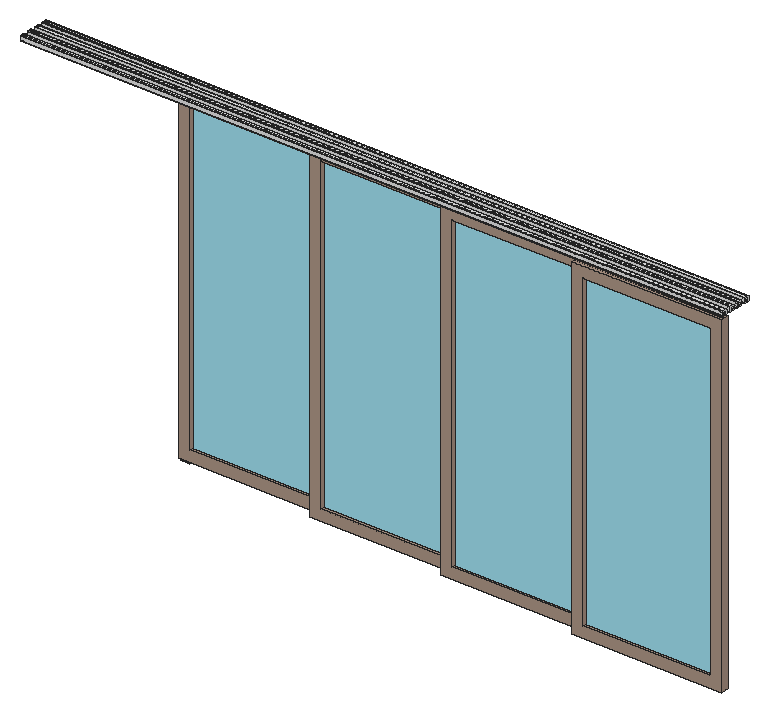
Revit family "Slido 4 Panel Slide SWW4 XRDLP", category Doors, host Wall, Revit 2016
Family settings
  Host = Wall
  Always vertical = Yes
  Cut with Voids When Loaded = No
  Shared = No
  Room Calculation Point = No
Parameters (values of type "154 1/2"x 94 3/8"")
  URL = "www.raydoor.com"
  Type Image = SWW4.jpg
  Trim GC [instance] = no
  Thickness = 2 1/4"  # constant formula
  Rough Width = 1"  # constant formula
  Rough Height = 1/2"  # constant formula
  Model = "SWW4"
  Function = Interior
  Door Material = Door - Panel
  Panel Material = Glass, Cast, Gray
  Height = 94 3/8"
  Trim Projection Ext = 63/64"  # constant formula
  Typ = 3"  # constant formula
  Wall Closure = By host
  Width = 154 1/2"
  Assembly Code = "SWW4 XRDLP"
Reference planes (in)
  plane 1: y = 0
  plane 2: z = 0
  plane 3: x = 0
  plane 4: x = -77.25
  plane 5: x = 77.25
  plane 6: z = 94.375
  plane 7: y = -5.4971
  plane 8: z = 93.1875
  plane 9: x = 74.25
  plane 10: x = 75.75
  plane 11: x = -1.75001
  plane 12: x = -0.25001
  plane 13: x = 1.24999
  plane 14: x = -39.75001
  plane 15: x = -38.25001
  plane 16: x = -36.75001
  plane 17: y = -8.24257
  plane 18: x = -76.25002
  plane 19: y = -3.2471
  plane 20: x = -77.75002
  plane 21: x = -74.75002
  plane 22: x = -114.25002
  plane 23: x = -115.75002
  plane 24: x = -112.75002
  plane 25: y = -10.49257
  plane 26: y = -5.7471
  plane 27: y = -7.9971
  plane 28: y = -10.73804
  plane 29: y = -12.98804
  plane 30: x = 37.75
  plane 31: x = 36.25
  plane 32: x = 39.25
  plane 33: z = 92.375
Forms (in)
  Extrusion 1, solid, material "Door - Panel" <- "Door Material"
    sketch origin (-140.00001, -2.99773, 0.25) x (1, 0, 0) y (0, 0, 1)
      loop
        line (62.24999, 92.125) -> (62.24999, 0.5) -> (103.24999, 0.5) -> (103.24999, 92.125) -> (62.24999, 92.125)
      loop
        line (65.24999, 89.125) -> (65.24999, 3.5) -> (100.24999, 3.5) -> (100.24999, 89.125) -> (65.24999, 89.125)
    from 0.25101 to 2.49937
  Extrusion 2, solid, material "Glass, Cast, Gray" <- "Panel Material"
    sketch origin (-140.00001, -15.26431, 0.25) x (1, 0, 0) y (0, 0, 1)
      loop
        line (62.24999, 92.125) -> (62.24999, 1.375) -> (103.24999, 1.375) -> (103.24999, 92.125) -> (62.24999, 92.125)
    from -11.01557 to -10.76721
  Extrusion 3, solid, material "UHMW, White", detail levels medium+fine
    sketch origin (49.77771, -4.9971, 0.25) x (0, 1, 0) y (0, 0, 1)
      loop
        line (1.27744, -0.25) -> (1.27744, -0.0625) -> (0.74836, -0.0625) -> (0.74836, 0.75) -> (0.5, 0.75) -> (0.5, -0.0625) -> (0, -0.0625) -> (0, -0.25) -> (1.27744, -0.25)
      loop
        line (0.10629, 93.90625) -> (0.10629, 93.10447) -> (1.1548, 93.10447) -> (1.1548, 93.90625) -> (0.10629, 93.90625)
    from -127.52772 to -125.02772
  Extrusion 4, solid, material "Door - Panel" <- "Door Material", visible <- "Trim GC"
    sketch origin (-72.24213, -3.34066, -17.28113) x (1, 0, 0) y (0, 0, 1)
      loop
        line (-43.5079, 108.65613) -> (149.49213, 108.65613) -> (149.49213, 111.65613) -> (-43.5079, 111.65613) -> (-43.5079, 108.65613)
    from 9.64737 to 10.14082
  Extrusion 5, solid, material "UHMW, White"
    sketch origin (0, 37.0452, -9.0893) x (0, 1, 0) y (0, 0, 1)
      loop
        line (-41.24257, 103.37055) -> (-41.24257, 103.28596) -> (-41.18329, 103.28596) -> (-41.18329, 103.37055) -> (-41.00941, 103.37055) -> (-41.00941, 103.24091) -> (-40.87505, 103.22916) -> (-40.87505, 102.36784) -> (-40.90667, 102.24985) -> (-41.12401, 102.23084) -> (-41.12401, 102.15084) -> (-40.9261, 102.15084)
        arc (-40.9261, 102.15084) -> (-40.88421, 102.17182) -> (-40.84232, 102.15084) r 0.0523
        arc (-40.84232, 102.15084) -> (-40.81517, 102.16209) -> (-40.80392, 102.18925) r 0.0384
        line (-40.80392, 102.18925) -> (-40.80392, 103.34523) -> (-40.84344, 103.34523)
        arc (-40.84344, 103.34523) -> (-40.90864, 103.30759) -> (-40.90864, 103.38288) r 0.04347
        line (-40.90864, 103.38288) -> (-40.90864, 103.4643) -> (-41.93215, 103.4643) -> (-41.93215, 103.38288)
        arc (-41.93215, 103.38288) -> (-41.93215, 103.30759) -> (-41.99735, 103.34523) r 0.04347
        line (-41.99735, 103.34523) -> (-42.03687, 103.34523) -> (-42.03687, 102.18925)
        arc (-42.03687, 102.18925) -> (-42.02562, 102.16209) -> (-41.99846, 102.15084) r 0.0384
        arc (-41.99846, 102.15084) -> (-41.95658, 102.17182) -> (-41.91469, 102.15084) r 0.0523
        line (-41.91469, 102.15084) -> (-41.71678, 102.15084) -> (-41.71678, 102.23084) -> (-41.93412, 102.24985) -> (-41.96574, 102.36784) -> (-41.96574, 103.22916) -> (-41.83138, 103.24091) -> (-41.83138, 103.37055) -> (-41.6575, 103.37055) -> (-41.6575, 103.28596) -> (-41.59822, 103.28596) -> (-41.59822, 103.37055) -> (-41.24257, 103.37055)
    from -115.75002 to 77.25
  Extrusion 6, void
    sketch origin (-140.00001, -15.26431, -90.75) x (1, 0, 0) y (0, 0, 1)
      loop
        line (103.24999, 92.375) -> (62.24999, 92.375) -> (62.24999, 91.5) -> (103.24999, 91.5) -> (103.24999, 92.375)
    from -11.01557 to -10.76721
  Extrusion 7, solid, material "UHMW, White"
    sketch origin (-41.44048, -3.86344, 94.375) x (0, -1, 0) y (1, 0, 0)
      loop
        circle (0.50948, 3.19047) r 0.125
    from -2 to -0.09375
  Extrusion 8, solid, material "Door - Panel" <- "Door Material"
    sketch origin (-99, -5.24836, 0.25) x (1, 0, 0) y (0, 0, 1)
      loop
        line (59.24999, 92.125) -> (59.24999, 0.5) -> (100.24999, 0.5) -> (100.24999, 92.125) -> (59.24999, 92.125)
      loop
        line (62.24999, 89.125) -> (62.24999, 3.5) -> (97.24999, 3.5) -> (97.24999, 89.125) -> (62.24999, 89.125)
    from 0.49874 to 2.74874
  Extrusion 9, solid, material "Glass, Cast, Gray" <- "Panel Material"
    sketch origin (-99, -17.76267, 0.25) x (1, 0, 0) y (0, 0, 1)
      loop
        line (59.24999, 92.125) -> (59.24999, 1.375) -> (100.24999, 1.375) -> (100.24999, 92.125) -> (59.24999, 92.125)
    from -11.01557 to -10.76721
  Extrusion 10, void
    sketch origin (-181.00001, -17.51267, -90.75) x (1, 0, 0) y (0, 0, 1)
      loop
        line (141.24999, 92.375) -> (141.24999, 91.5) -> (182.25, 91.5) -> (182.25, 92.375) -> (141.24999, 92.375)
    from -10.76557 to -10.51721
  Extrusion 11, solid, material "UHMW, White"
    sketch origin (-92.86615, -16.6853, 94.375) x (0, -1, 0) y (1, 0, 0)
      loop
        circle (-9.8132, 92.61614) r 0.125
    from -2 to 0
  Extrusion 12, solid, material "Door - Panel" <- "Door Material"
    sketch origin (-57.99999, -7.74219, 0.25) x (1, 0, 0) y (0, 0, 1)
      loop
        line (56.24999, 92.125) -> (56.24999, 0.5) -> (97.24999, 0.5) -> (97.24999, 92.125) -> (56.24999, 92.125)
      loop
        line (59.24999, 89.125) -> (59.24999, 3.5) -> (94.24999, 3.5) -> (94.24999, 89.125) -> (59.24999, 89.125)
    from 0.50038 to 2.75038
  Extrusion 13, solid, material "Glass, Cast, Gray" <- "Panel Material"
    sketch origin (-57.99999, -20.0065, 0.25) x (1, 0, 0) y (0, 0, 1)
      loop
        line (56.24999, 92.125) -> (56.24999, 1.375) -> (97.24999, 1.375) -> (97.24999, 92.125) -> (56.24999, 92.125)
    from -10.76393 to -10.51557
  Extrusion 14, void
    sketch origin (-140, -20.0065, -90.75) x (1, 0, 0) y (0, 0, 1)
      loop
        line (138.24999, 92.375) -> (138.24999, 91.5) -> (179.25, 91.5) -> (179.25, 92.375) -> (138.24999, 92.375)
    from -10.76393 to -10.51557
  Extrusion 15, solid, material "UHMW, White"
    sketch origin (-92.86615, -18.93366, 94.375) x (0, -1, 0) y (1, 0, 0)
      loop
        circle (-9.56074, 130.61615) r 0.125
    from -2 to 0
  Extrusion 16, solid, material "UHMW, White"
    sketch origin (0, 32.54848, -9.0893) x (0, 1, 0) y (0, 0, 1)
      loop
        line (-41.74358, 103.37055) -> (-41.74358, 103.28596) -> (-41.6843, 103.28596) -> (-41.6843, 103.37055) -> (-41.51042, 103.37055) -> (-41.51042, 103.24091) -> (-41.37606, 103.22916) -> (-41.37606, 102.36784) -> (-41.40768, 102.24985) -> (-41.62502, 102.23084) -> (-41.62502, 102.15084) -> (-41.42711, 102.15084)
        arc (-41.42711, 102.15084) -> (-41.38522, 102.17182) -> (-41.34333, 102.15084) r 0.0523
        arc (-41.34333, 102.15084) -> (-41.31618, 102.16209) -> (-41.30493, 102.18925) r 0.0384
        line (-41.30493, 102.18925) -> (-41.30493, 103.34523) -> (-41.34445, 103.34523)
        arc (-41.34445, 103.34523) -> (-41.40965, 103.30759) -> (-41.40965, 103.38288) r 0.04347
        line (-41.40965, 103.38288) -> (-41.40965, 103.4643) -> (-42.43316, 103.4643) -> (-42.43316, 103.38288)
        arc (-42.43316, 103.38288) -> (-42.43316, 103.30759) -> (-42.49836, 103.34523) r 0.04347
        line (-42.49836, 103.34523) -> (-42.53788, 103.34523) -> (-42.53788, 102.18925)
        arc (-42.53788, 102.18925) -> (-42.52663, 102.16209) -> (-42.49948, 102.15084) r 0.0384
        arc (-42.49948, 102.15084) -> (-42.45759, 102.17182) -> (-42.4157, 102.15084) r 0.0523
        line (-42.4157, 102.15084) -> (-42.21779, 102.15084) -> (-42.21779, 102.23084) -> (-42.43513, 102.24985) -> (-42.46675, 102.36784) -> (-42.46675, 103.22916) -> (-42.33239, 103.24091) -> (-42.33239, 103.37055) -> (-42.15851, 103.37055) -> (-42.15851, 103.28596) -> (-42.09923, 103.28596) -> (-42.09923, 103.37055) -> (-41.74358, 103.37055)
    from -115.75002 to 77.25
  Extrusion 17, solid, material "Door - Panel" <- "Door Material"
    sketch origin (-16.99999, -10.23601, 0.25) x (1, 0, 0) y (0, 0, 1)
      loop
        line (53.24998, 92.125) -> (53.24998, 0.5) -> (94.24999, 0.5) -> (94.24999, 92.125) -> (53.24998, 92.125)
      loop
        line (56.24998, 89.125) -> (56.24998, 3.5) -> (91.24999, 3.5) -> (91.24999, 89.125) -> (56.24998, 89.125)
    from 0.50202 to 2.75202
  Extrusion 18, solid, material "Glass, Cast, Gray" <- "Panel Material"
    sketch origin (-16.99999, -22.50033, 0.25) x (1, 0, 0) y (0, 0, 1)
      loop
        line (53.24998, 92.125) -> (53.24998, 1.375) -> (94.24999, 1.375) -> (94.24999, 92.125) -> (53.24998, 92.125)
    from -10.76229 to -10.51393
  Extrusion 19, void
    sketch origin (-98.99999, -22.50033, -90.75) x (1, 0, 0) y (0, 0, 1)
      loop
        line (135.24999, 92.375) -> (135.24999, 91.5) -> (176.24999, 91.5) -> (176.24999, 92.375) -> (135.24999, 92.375)
    from -10.76229 to -10.51393
  Extrusion 20, solid, material "UHMW, White"
    sketch origin (0, 30.05465, -9.0893) x (0, 1, 0) y (0, 0, 1)
      loop
        line (-41.74522, 103.37055) -> (-41.74522, 103.28596) -> (-41.68594, 103.28596) -> (-41.68594, 103.37055) -> (-41.51206, 103.37055) -> (-41.51206, 103.24091) -> (-41.3777, 103.22916) -> (-41.3777, 102.36784) -> (-41.40932, 102.24985) -> (-41.62666, 102.23084) -> (-41.62666, 102.15084) -> (-41.42875, 102.15084)
        arc (-41.42875, 102.15084) -> (-41.38686, 102.17182) -> (-41.34497, 102.15084) r 0.0523
        arc (-41.34497, 102.15084) -> (-41.31782, 102.16209) -> (-41.30657, 102.18925) r 0.0384
        line (-41.30657, 102.18925) -> (-41.30657, 103.34523) -> (-41.34609, 103.34523)
        arc (-41.34609, 103.34523) -> (-41.41129, 103.30759) -> (-41.41129, 103.38288) r 0.04347
        line (-41.41129, 103.38288) -> (-41.41129, 103.4643) -> (-42.4348, 103.4643) -> (-42.4348, 103.38288)
        arc (-42.4348, 103.38288) -> (-42.4348, 103.30759) -> (-42.5, 103.34523) r 0.04347
        line (-42.5, 103.34523) -> (-42.53952, 103.34523) -> (-42.53952, 102.18925)
        arc (-42.53952, 102.18925) -> (-42.52827, 102.16209) -> (-42.50111, 102.15084) r 0.0384
        arc (-42.50111, 102.15084) -> (-42.45923, 102.17182) -> (-42.41734, 102.15084) r 0.0523
        line (-42.41734, 102.15084) -> (-42.21943, 102.15084) -> (-42.21943, 102.23084) -> (-42.43677, 102.24985) -> (-42.46839, 102.36784) -> (-42.46839, 103.22916) -> (-42.33403, 103.24091) -> (-42.33403, 103.37055) -> (-42.16015, 103.37055) -> (-42.16015, 103.28596) -> (-42.10087, 103.28596) -> (-42.10087, 103.37055) -> (-41.74522, 103.37055)
    from -115.75002 to 77.25
  Extrusion 21, solid, material "UHMW, White"
    sketch origin (-92.86615, -21.42749, 94.375) x (0, -1, 0) y (1, 0, 0)
      loop
        circle (-9.5591, 168.61616) r 0.125
    from -2 to 0
  Extrusion 22, solid, material "UHMW, White"
    sketch origin (0, 34.54993, -9.0893) x (0, 1, 0) y (0, 0, 1)
      loop
        line (-41.2442, 103.37055) -> (-41.2442, 103.28596) -> (-41.18493, 103.28596) -> (-41.18493, 103.37055) -> (-41.01105, 103.37055) -> (-41.01105, 103.24091) -> (-40.87669, 103.22916) -> (-40.87669, 102.36784) -> (-40.90831, 102.24985) -> (-41.12565, 102.23084) -> (-41.12565, 102.15084) -> (-40.92774, 102.15084)
        arc (-40.92774, 102.15084) -> (-40.88585, 102.17182) -> (-40.84396, 102.15084) r 0.0523
        arc (-40.84396, 102.15084) -> (-40.81681, 102.16209) -> (-40.80556, 102.18925) r 0.0384
        line (-40.80556, 102.18925) -> (-40.80556, 103.34523) -> (-40.84508, 103.34523)
        arc (-40.84508, 103.34523) -> (-40.91028, 103.30759) -> (-40.91028, 103.38288) r 0.04347
        line (-40.91028, 103.38288) -> (-40.91028, 103.4643) -> (-41.93378, 103.4643) -> (-41.93378, 103.38288)
        arc (-41.93378, 103.38288) -> (-41.93378, 103.30759) -> (-41.99899, 103.34523) r 0.04347
        line (-41.99899, 103.34523) -> (-42.03851, 103.34523) -> (-42.03851, 102.18925)
        arc (-42.03851, 102.18925) -> (-42.02726, 102.16209) -> (-42.0001, 102.15084) r 0.0384
        arc (-42.0001, 102.15084) -> (-41.95822, 102.17182) -> (-41.91633, 102.15084) r 0.0523
        line (-41.91633, 102.15084) -> (-41.71841, 102.15084) -> (-41.71841, 102.23084) -> (-41.93576, 102.24985) -> (-41.96737, 102.36784) -> (-41.96737, 103.22916) -> (-41.83302, 103.24091) -> (-41.83302, 103.37055) -> (-41.65914, 103.37055) -> (-41.65914, 103.28596) -> (-41.59986, 103.28596) -> (-41.59986, 103.37055) -> (-41.2442, 103.37055)
    from -115.75002 to 77.25
Cuts and joins
  Extrusion 6, Extrusion 10 cuts Extrusion 1
  Extrusion 10 cuts Extrusion 2
  Extrusion 10, Extrusion 14 cuts Extrusion 8
  Extrusion 10, Extrusion 14 cuts Extrusion 9
  Extrusion 14, Extrusion 19 cuts Extrusion 12
  Extrusion 14, Extrusion 19 cuts Extrusion 13
  Extrusion 19 cuts Extrusion 17
  Extrusion 19 cuts Extrusion 18
Lines and regions (in)
  Opening 1
    outline origin (-60, -2.99773, 144) x (0, 0, -1) y (1, 0, 0)
      loop
        line (49.625, -17.25) -> (144, -17.25) -> (144, 137.25) -> (49.625, 137.25) -> (49.625, -17.25)
  Masking region 1
    outline origin (-7.24693, 27.04592, 0) x (1, 0, 0) y (0, 1, 0)
      loop
        line (-67.50308, -35.04303) -> (-67.50308, -32.79303) -> (-108.50309, -32.79303) -> (-108.50309, -35.04303) -> (-67.50308, -35.04303)
  Masking region 2
    outline origin (-7.24693, 29.28975, 0) x (1, 0, 0) y (0, 1, 0)
      loop
        line (-67.50308, -34.78685) -> (-67.50308, -32.53685) -> (-108.50309, -32.53685) -> (-108.50309, -34.78685) -> (-67.50308, -34.78685)
  Masking region 3
    outline origin (-7.24693, 16.04592, 0) x (1, 0, 0) y (0, 1, 0)
      loop
        line (-67.50308, -26.53849) -> (-67.50308, -24.28849) -> (-108.50309, -24.28849) -> (-108.50309, -26.53849) -> (-67.50308, -26.53849)
  Masking region 4
    outline origin (-7.24693, 12.04592, 0) x (1, 0, 0) y (0, 1, 0)
      loop
        line (-67.50308, -25.03396) -> (-67.50308, -22.78396) -> (-108.50309, -22.78396) -> (-108.50309, -25.03396) -> (-67.50308, -25.03396)
  symbolic lines, style "Elevation Swing"
    curve 1: line (-12.25001, 0, 37.98833) -> (5.74999, 0, 37.98833)
    curve 2: line (6.24999, 0, 32.79755) -> (-12.75001, 0, 32.79755)
    curve 3: line (-12.25001, 0, 37.98833) -> (-7.05386, 0, 40.98833)
    curve 4: line (1.05384, 0, 29.79755) -> (6.24999, 0, 32.79755)
  symbolic lines, style "Plan Swing"
    curve 5: line (-8.37501, -14.8034, 0) -> (-25.12501, -14.8034, 0)
    curve 6: line (-25.12501, -14.8034, 0) -> (-23.00369, -12.68208, 0)
    curve 7: line (-8.37501, -16.32238, 0) -> (-25.12501, -16.32238, 0)
    curve 8: line (-10.49633, -18.4437, 0) -> (-8.37501, -16.32238, 0)
  model lines
    curve 9: line (-77.25, 3.00227, 0) -> (77.25, 3.00227, 0)
Dimensions and locks (in)
  equal spacing: plane 4, plane 3, plane 5
  "Width": plane 4 to plane 5
  "Height": plane 6 to plane 2
  locked: host wall to plane 19 at 0.24937
  locked: plane 6 to plane 8 at 1.1875
  plane 6 to Extrusion 1 = 2"
  "Typ": Extrusion 1 sketch curve to Extrusion 1 sketch curve
  locked: Extrusion 2 to plane 7 at 1
  locked: Extrusion 2 to Extrusion 2 at 0.24836
  locked: Extrusion 1 to Extrusion 2 at 1
  Extrusion 1 to plane 4 = 1/2"
  locked: plane 6 to Extrusion 4 at 3
  Extrusion 4 to plane 7 = 7 63/64"
  Extrusion 1 to Extrusion 1 = 2.24836"
  Extrusion 4 to plane 7 = 7.49093"
  locked: Extrusion 3 to Extrusion 3 at 2.5
  Extrusion 3 sketch curve to Extrusion 3 sketch curve = 3/16"
  locked: Extrusion 2 sketch curve to Extrusion 1 at 0.875
  locked: Extrusion 6 to Extrusion 6 at 0.24836
  equal spacing: plane 9, plane 10, plane 5, locked at 1.5 each
  "Typ": plane 9 to plane 5
  equal spacing: plane 11, plane 12, plane 13, locked at 1.5 each
  "Typ": plane 11 to plane 13
  equal spacing: plane 14, plane 15, plane 16, locked at 1.5 each
  "Typ": plane 14 to plane 16
  "Typ": Extrusion 8 sketch curve to Extrusion 8 sketch curve  (x2)
  locked: Extrusion 9 to Extrusion 9 at 0.24836
  locked: Extrusion 8 to Extrusion 9 at 1
  locked: Extrusion 9 sketch curve to Extrusion 8 at 0.875
  locked: Extrusion 10 to Extrusion 10 at 0.24836
  "Thickness": plane 26 to plane 27
  locked: Extrusion 7 sketch curve to plane 16 at 1.375
  locked: Extrusion 11 sketch curve to plane 27 at 1.25
  locked: plane 11 to Extrusion 11 sketch curve at 1.625
  locked: Extrusion 7 sketch curve to plane 7 at 0.99918
  "Thickness": plane 19 to plane 7
  "Typ": plane 20 to plane 21
  equal spacing: plane 20, plane 18, plane 21, locked at 1.5 each
  "Typ": plane 23 to plane 24
  equal spacing: plane 23, plane 22, plane 24, locked at 1.5 each
  "Thickness": plane 17 to plane 25
  "Typ": Extrusion 12 sketch curve to Extrusion 12 sketch curve  (x2)
  locked: Extrusion 13 to Extrusion 13 at 0.24836
  locked: Extrusion 12 to Extrusion 13 at 1
  locked: Extrusion 13 sketch curve to Extrusion 12 at 0.875
  locked: Extrusion 14 to Extrusion 14 at 0.24836
  locked: cut or joined group of Extrusion 12, Extrusion 14, Extrusion 19 to Extrusion 15 sketch curve at 1.24465
  locked: plane 7 to plane 26 at 0.25
  locked: plane 27 to plane 17 at 0.24547
  locked: Extrusion 3 sketch curve to Extrusion 3 sketch curve at 0.52908
  locked: Extrusion 3 sketch curve to Extrusion 3 sketch curve at 0.5
  equal spacing: plane 31, plane 30, plane 32
  "Typ": plane 31 to plane 32
  "Thickness": plane 28 to plane 29
  locked: plane 25 to plane 28 at 0.24547
  "Typ": Extrusion 17 sketch curve to Extrusion 17 sketch curve  (x2)
  locked: Extrusion 18 to Extrusion 18 at 0.24836
  locked: Extrusion 17 to Extrusion 18 at 1
  locked: Extrusion 18 sketch curve to Extrusion 17 at 0.875
  locked: Extrusion 19 to Extrusion 19 at 0.24836
  locked: Extrusion 15 sketch curve to plane 32 at 1.375
  locked: Extrusion 21 sketch curve to plane 29 at 1.11965
  locked: Extrusion 21 sketch curve to plane 5 at 1.375
  equal spacing: plane 22, plane 18, plane 15, plane 12, plane 30, plane 10
  cut or joined group of Extrusion 17, Extrusion 19 to level = 3/4"
  level to cut or joined group of Extrusion 17, Extrusion 19 = 3/4"
  plane 33 to plane 6 = 2"
  plane 26 to plane 27 = 2 1/4"
  plane 17 to plane 25 = 2 1/4"
  plane 28 to plane 29 = 2 1/4"
  host wall to plane 19 = 0.24937"
  plane 7 to plane 26 = 1/4"
  plane 27 to plane 17 = 0.24547"
  plane 25 to plane 28 = 0.24547"
  cut or joined group of Extrusion 1, Extrusion 6, Extrusion 10 to cut or joined group of Extrusion 17, Extrusion 19 = 9.73929"
  Extrusion 5 to Extrusion 5 = 1.23295"
  Extrusion 22 to Extrusion 22 = 1.23295"
  Extrusion 16 to Extrusion 16 = 1.23295"
  Extrusion 20 to Extrusion 20 = 1.23295"
  Extrusion 20 to plane 6 = 1.31346"
  diameter of Extrusion 7 sketch curve = 1/4"
  diameter of Extrusion 11 sketch curve = 1/4"
  diameter of Extrusion 15 sketch curve = 1/4"
  diameter of Extrusion 21 sketch curve = 1/4"
  aligned and locked: plane 5 to curve 9
  aligned and locked: Extrusion 4 to plane 6
  aligned and locked: Extrusion 1 to plane 7
  aligned and locked: Opening 1 sketch curve to plane 5
  aligned and locked: Opening 1 sketch curve to plane 4
  aligned and locked: Extrusion 3 sketch curve to Extrusion 3 sketch curve
  aligned and locked: Extrusion 1 to Extrusion 6  (x2)
  aligned and locked: Extrusion 7 to Extrusion 5
  aligned and locked: cut or joined group of Extrusion 1, Extrusion 6, Extrusion 10 to Extrusion 2
  aligned and locked: Extrusion 2 to cut or joined group of Extrusion 1, Extrusion 6, Extrusion 10
  aligned and locked: Extrusion 8 to Extrusion 9
  aligned and locked: Extrusion 8 to Extrusion 10  (x2)
  aligned and locked: plane 14 to Extrusion 8
  aligned and locked: plane 14 to Extrusion 9
  aligned and locked: cut or joined group of Extrusion 8, Extrusion 10, Extrusion 14 to plane 16
  aligned and locked: cut or joined group of Extrusion 1, Extrusion 6, Extrusion 10 to Masking region 2
  aligned and locked: Masking region 2 to plane 7
  aligned and locked: Extrusion 4 to plane 5
  aligned and locked: Extrusion 11 to cut or joined group of Extrusion 8, Extrusion 10, Extrusion 14
  aligned and locked: Extrusion 11 to plane 6
  aligned and locked: plane 19 to cut or joined group of Extrusion 1, Extrusion 6, Extrusion 10
  aligned and locked: plane 23 to Masking region 2
  aligned and locked: Masking region 2 to plane 21
  aligned and locked: plane 23 to Masking region 1
  aligned and locked: Masking region 1 to plane 21
  aligned and locked: plane 17 to Masking region 3
  aligned and locked: Masking region 3 to plane 25
  aligned and locked: Masking region 3 to plane 21
  aligned and locked: plane 23 to Masking region 3
  aligned and locked: plane 20 to cut or joined group of Extrusion 2, Extrusion 10
  aligned and locked: plane 20 to cut or joined group of Extrusion 1, Extrusion 6, Extrusion 10
  aligned and locked: cut or joined group of Extrusion 1, Extrusion 6, Extrusion 10 to plane 21
  aligned and locked: plane 14 to cut or joined group of Extrusion 1, Extrusion 6, Extrusion 10
  aligned and locked: cut or joined group of Extrusion 1, Extrusion 6, Extrusion 10 to plane 16
  aligned and locked: cut or joined group of Extrusion 2, Extrusion 10 to plane 16
  aligned and locked: plane 20 to Extrusion 6
  aligned and locked: Extrusion 12 to Extrusion 13
  aligned and locked: Extrusion 12 to Extrusion 14  (x2)
  aligned and locked: plane 17 to cut or joined group of Extrusion 12, Extrusion 14, Extrusion 19
  aligned and locked: cut or joined group of Extrusion 12, Extrusion 14, Extrusion 19 to plane 25
  aligned and locked: Extrusion 15 to cut or joined group of Extrusion 12, Extrusion 14, Extrusion 19
  aligned and locked: Extrusion 15 to plane 6
  aligned and locked: Extrusion 14 to cut or joined group of Extrusion 13, Extrusion 14, Extrusion 19
  aligned and locked: plane 11 to cut or joined group of Extrusion 12, Extrusion 14, Extrusion 19
  aligned and locked: cut or joined group of Extrusion 12, Extrusion 14, Extrusion 19 to plane 13
  aligned and locked: plane 11 to cut or joined group of Extrusion 13, Extrusion 14, Extrusion 19
  aligned and locked: plane 23 to Extrusion 4
  aligned and locked: Extrusion 16 to plane 5
  aligned and locked: plane 23 to Extrusion 16
  aligned and locked: Extrusion 5 to plane 5
  aligned and locked: plane 23 to Extrusion 5
  aligned and locked: plane 26 to Extrusion 8
  aligned and locked: plane 26 to Masking region 1
  aligned and locked: cut or joined group of Extrusion 8, Extrusion 10, Extrusion 14 to plane 27
  aligned and locked: Masking region 1 to plane 27
  aligned and locked: cut or joined group of Extrusion 8, Extrusion 10, Extrusion 14 to cut or joined group of Extrusion 9, Extrusion 10, Extrusion 14
  aligned and locked: cut or joined group of Extrusion 1, Extrusion 6, Extrusion 10 to Extrusion 3
  aligned and locked: Extrusion 3 to cut or joined group of Extrusion 1, Extrusion 6, Extrusion 10
  aligned and locked: plane 31 to cut or joined group of Extrusion 12, Extrusion 14, Extrusion 19
  aligned and locked: cut or joined group of Extrusion 12, Extrusion 14, Extrusion 19 to plane 32
  aligned and locked: cut or joined group of Extrusion 13, Extrusion 14, Extrusion 19 to plane 32
  aligned and locked: cut or joined group of Extrusion 12, Extrusion 14, Extrusion 19 to Extrusion 14
  aligned and locked: Extrusion 17 to Extrusion 18
  aligned and locked: Extrusion 17 to Extrusion 19  (x2)
  aligned and locked: plane 28 to cut or joined group of Extrusion 17, Extrusion 19
  aligned and locked: cut or joined group of Extrusion 17, Extrusion 19 to plane 29
  aligned and locked: plane 29 to Extrusion 4
  aligned and locked: cut or joined group of Extrusion 17, Extrusion 19 to plane 5
  aligned and locked: cut or joined group of Extrusion 18, Extrusion 19 to plane 5
  aligned and locked: plane 31 to cut or joined group of Extrusion 17, Extrusion 19
  aligned and locked: plane 31 to cut or joined group of Extrusion 18, Extrusion 19
  aligned and locked: plane 23 to Masking region 4
  aligned and locked: Masking region 4 to plane 21
  aligned and locked: plane 28 to Masking region 4
  aligned and locked: Masking region 4 to plane 29
  aligned and locked: Extrusion 19 to plane 5
  aligned and locked: Extrusion 20 to plane 5
  aligned and locked: plane 23 to Extrusion 20
  aligned and locked: Extrusion 22 to plane 5
  aligned and locked: plane 23 to Extrusion 22
  aligned and locked: cut or joined group of Extrusion 18, Extrusion 19 to cut or joined group of Extrusion 17, Extrusion 19
  aligned and locked: plane 20 to Extrusion 3
  aligned and locked: cut or joined group of Extrusion 9, Extrusion 10, Extrusion 14 to plane 33
  aligned and locked: cut or joined group of Extrusion 13, Extrusion 14, Extrusion 19 to plane 33
  aligned and locked: cut or joined group of Extrusion 18, Extrusion 19 to plane 33
  aligned and locked: cut or joined group of Extrusion 2, Extrusion 10 to plane 33
  aligned and locked: cut or joined group of Extrusion 1, Extrusion 6, Extrusion 10 to plane 33
  aligned and locked: plane 33 to Extrusion 7
Automatic sketch dimensions
  plane 11 to curve 3 = 10 1/2"
  level to curve 3 = 37.98833"
  plane 3 to curve 4 = 6 1/4"
  curve 1 to curve 4 = 5.19077"
  plane 11 to curve 3 = 5.30385"
  curve 3 to curve 1 = 3"
  plane 3 to curve 4 = 1.05384"
  curve 2 to curve 4 = 3"
  curve 2 to curve 1 = 1/2"
  curve 1 to curve 2 = 1/2"
  Opening 1 sketch curve to plane 6 = 0"
  Opening 1 sketch curve to level = 0"
  curve 5 to plane 29 = 1.81536"
  curve 5 to plane 16 = 11 5/8"
  plane 11 to curve 7 = 6 5/8"
  curve 8 to curve 5 = 1.51898"
  curve 7 to curve 5 = 0"
  plane 29 to curve 6 = 0.30596"
  curve 5 to curve 6 = 2.12132"
  curve 8 to curve 7 = 2.12132"  (x2)
  curve 5 to curve 7 = 0"
  plane 20 to Extrusion 2 sketch curve = 0"
  plane 16 to Extrusion 2 sketch curve = 0"
  plane 8 to Extrusion 2 sketch curve = 13/16"
  Extrusion 3 sketch curve to level = 0"
  plane 7 to Extrusion 3 sketch curve = 1/2"
  Extrusion 3 sketch curve to plane 8 = 0.16697"
  plane 7 to Extrusion 3 sketch curve = 0.60629"
  Extrusion 3 sketch curve to Extrusion 3 sketch curve = 0.24836"
  plane 6 to Extrusion 3 sketch curve = 7/32"
  Extrusion 3 sketch curve to plane 19 = 0.5952"
  Extrusion 3 sketch curve to Extrusion 3 sketch curve = 13/16"
  curve 9 to level = 0"
  plane 4 to curve 9 = 0"
  Masking region 1 sketch curve to plane 23 = 0"
  Masking region 1 sketch curve to plane 21 = 0"
  Masking region 1 sketch curve to plane 27 = 0"
  Masking region 1 sketch curve to plane 26 = 0"
  Extrusion 4 sketch curve to plane 6 = 0"
  plane 23 to Extrusion 4 sketch curve = 0"
  plane 5 to Extrusion 4 sketch curve = 0"
  plane 8 to Extrusion 4 sketch curve = 1 13/16"
  plane 20 to Extrusion 6 sketch curve = 0"
  plane 16 to Extrusion 6 sketch curve = 0"
  level to Extrusion 6 sketch curve = 3/4"
  Extrusion 6 sketch curve to Extrusion 6 sketch curve = 7/8"
  plane 14 to Extrusion 8 sketch curve = 0"
  plane 16 to Extrusion 8 sketch curve = 0"
  Extrusion 8 sketch curve to plane 11 = 0"
  Extrusion 8 sketch curve to plane 13 = 0"
  level to Extrusion 8 sketch curve = 3/4"
  plane 8 to Extrusion 8 sketch curve = 3 13/16"
  plane 14 to Extrusion 9 sketch curve = 0"
  Extrusion 9 sketch curve to plane 13 = 0"
  plane 8 to Extrusion 9 sketch curve = 13/16"
  plane 14 to Extrusion 10 sketch curve = 0"
  plane 13 to Extrusion 10 sketch curve = 0"
  level to Extrusion 10 sketch curve = 3/4"
  Extrusion 10 sketch curve to Extrusion 10 sketch curve = 7/8"
  Masking region 2 sketch curve to plane 7 = 0"
  Masking region 2 sketch curve to plane 23 = 0"
  Masking region 2 sketch curve to plane 19 = 0"
  Masking region 2 sketch curve to plane 21 = 0"
  Masking region 3 sketch curve to plane 23 = 0"
  Masking region 3 sketch curve to plane 17 = 0"
  Masking region 3 sketch curve to plane 21 = 0"
  Masking region 3 sketch curve to plane 25 = 0"
  plane 11 to Extrusion 12 sketch curve = 0"
  plane 13 to Extrusion 12 sketch curve = 0"
  plane 31 to Extrusion 12 sketch curve = 0"
  plane 32 to Extrusion 12 sketch curve = 0"
  level to Extrusion 12 sketch curve = 3/4"
  plane 8 to Extrusion 12 sketch curve = 3 13/16"
  plane 11 to Extrusion 13 sketch curve = 0"
  plane 32 to Extrusion 13 sketch curve = 0"
  plane 8 to Extrusion 13 sketch curve = 13/16"
  plane 11 to Extrusion 14 sketch curve = 0"
  plane 32 to Extrusion 14 sketch curve = 0"
  level to Extrusion 14 sketch curve = 3/4"
  Extrusion 14 sketch curve to Extrusion 14 sketch curve = 7/8"
  plane 31 to Extrusion 17 sketch curve = 0"
  plane 32 to Extrusion 17 sketch curve = 0"
  plane 9 to Extrusion 17 sketch curve = 0"
  plane 5 to Extrusion 17 sketch curve = 0"
  level to Extrusion 17 sketch curve = 3/4"
  plane 8 to Extrusion 17 sketch curve = 3 13/16"
  plane 31 to Extrusion 18 sketch curve = 0"
  plane 5 to Extrusion 18 sketch curve = 0"
  plane 8 to Extrusion 18 sketch curve = 13/16"
  plane 31 to Extrusion 19 sketch curve = 0"
  plane 5 to Extrusion 19 sketch curve = 0"
  level to Extrusion 19 sketch curve = 3/4"
  Extrusion 19 sketch curve to Extrusion 19 sketch curve = 7/8"
  Masking region 4 sketch curve to plane 23 = 0"
  Masking region 4 sketch curve to plane 21 = 0"
  Masking region 4 sketch curve to plane 29 = 0"
  Masking region 4 sketch curve to plane 28 = 0"
  Extrusion 5 sketch curve to Extrusion 5 sketch curve = 0.0384"
  Extrusion 5 sketch curve to Extrusion 5 sketch curve = 0.03952"  (x2)
  Extrusion 5 sketch curve to Extrusion 5 sketch curve = 0.03273"
  Extrusion 5 sketch curve to Extrusion 5 sketch curve = 0.04189"  (x4)
  Extrusion 5 sketch curve to Extrusion 5 sketch curve = 0.04347"  (x2)
  Extrusion 5 sketch curve to Extrusion 5 sketch curve = 0.06434"
  Extrusion 5 sketch curve to Extrusion 5 sketch curve = 0.02173"  (x2)
  Extrusion 5 sketch curve to Extrusion 5 sketch curve = 0.10077"  (x2)
  Extrusion 5 sketch curve to Extrusion 5 sketch curve = 0.19792"  (x2)
  Extrusion 5 sketch curve to Extrusion 5 sketch curve = 0.17388"  (x2)
  Extrusion 5 sketch curve to Extrusion 5 sketch curve = 0.05928"  (x2)
  Extrusion 5 sketch curve to Extrusion 5 sketch curve = 0.35566"
  Extrusion 5 sketch curve to Extrusion 5 sketch curve = 0.59276"
  Extrusion 5 sketch curve to Extrusion 5 sketch curve = 0.01943"
  Extrusion 5 sketch curve to Extrusion 5 sketch curve = 0.01186"
  Extrusion 5 sketch curve to Extrusion 5 sketch curve = 0.03133"  (x3)
  Extrusion 5 sketch curve to Extrusion 5 sketch curve = 0.08"  (x2)
  Extrusion 5 sketch curve to Extrusion 5 sketch curve = 0.06061"  (x2)
  Extrusion 5 sketch curve to Extrusion 5 sketch curve = 0.11799"  (x2)
  Extrusion 5 sketch curve to Extrusion 5 sketch curve = 0.86132"
  Extrusion 5 sketch curve to Extrusion 5 sketch curve = 0.01175"  (x2)
  Extrusion 5 sketch curve to Extrusion 5 sketch curve = 0.04504"  (x2)
  Extrusion 5 sketch curve to Extrusion 5 sketch curve = 0.11608"  (x2)
  Extrusion 5 sketch curve to Extrusion 5 sketch curve = 0.01232"  (x2)
  plane 7 to Extrusion 5 sketch curve = 0.61016"
  Extrusion 5 sketch curve to Extrusion 5 sketch curve = 0"  (x2)
  Extrusion 5 sketch curve to Extrusion 5 sketch curve = 0.08143"
  plane 6 to Extrusion 5 sketch curve = 0"
  plane 6 to Extrusion 22 sketch curve = 0"
  Extrusion 22 sketch curve to Extrusion 22 sketch curve = 0.0384"
  Extrusion 22 sketch curve to Extrusion 22 sketch curve = 0.03952"  (x2)
  Extrusion 22 sketch curve to Extrusion 22 sketch curve = 0.03161"
  Extrusion 22 sketch curve to Extrusion 22 sketch curve = 0.04189"  (x4)
  Extrusion 22 sketch curve to Extrusion 22 sketch curve = 0.04347"  (x2)
  Extrusion 22 sketch curve to Extrusion 22 sketch curve = 0.06434"
  Extrusion 22 sketch curve to Extrusion 22 sketch curve = 0.10077"  (x2)
  Extrusion 22 sketch curve to Extrusion 22 sketch curve = 0.19792"  (x2)
  Extrusion 22 sketch curve to Extrusion 22 sketch curve = 0.17388"  (x2)
  Extrusion 22 sketch curve to Extrusion 22 sketch curve = 0.05928"  (x2)
  Extrusion 22 sketch curve to Extrusion 22 sketch curve = 0.35566"
  Extrusion 22 sketch curve to Extrusion 22 sketch curve = 0.59276"
  Extrusion 22 sketch curve to Extrusion 22 sketch curve = 0.01943"
  Extrusion 22 sketch curve to Extrusion 22 sketch curve = 0.02173"  (x2)
  Extrusion 22 sketch curve to Extrusion 22 sketch curve = 0.01186"
  Extrusion 22 sketch curve to Extrusion 22 sketch curve = 0.13034"
  Extrusion 22 sketch curve to Extrusion 22 sketch curve = 0.03133"
  plane 6 to Extrusion 22 sketch curve = 1.31346"
  Extrusion 22 sketch curve to Extrusion 22 sketch curve = 0.08"  (x2)
  Extrusion 22 sketch curve to Extrusion 22 sketch curve = 0.06061"
  Extrusion 22 sketch curve to Extrusion 22 sketch curve = 0.11799"  (x2)
  Extrusion 22 sketch curve to Extrusion 22 sketch curve = 0.86132"
  Extrusion 22 sketch curve to Extrusion 22 sketch curve = 0.01175"  (x2)
  Extrusion 22 sketch curve to Extrusion 22 sketch curve = 0.04504"  (x2)
  Extrusion 22 sketch curve to Extrusion 22 sketch curve = 0.11608"
  Extrusion 22 sketch curve to Extrusion 22 sketch curve = 0.01232"
  Extrusion 22 sketch curve to Extrusion 22 sketch curve = 0.0846"
  Extrusion 22 sketch curve to Extrusion 22 sketch curve = 0.08143"  (x2)
  plane 27 to Extrusion 22 sketch curve = 0.61325"
  Extrusion 22 sketch curve to Extrusion 22 sketch curve = 0"  (x2)
  plane 8 to Extrusion 22 sketch curve = 0.15728"
  plane 6 to Extrusion 16 sketch curve = 0"
  Extrusion 16 sketch curve to Extrusion 16 sketch curve = 0.0384"
  Extrusion 16 sketch curve to Extrusion 16 sketch curve = 0.03952"  (x2)
  Extrusion 16 sketch curve to Extrusion 16 sketch curve = 0.03161"
  Extrusion 16 sketch curve to Extrusion 16 sketch curve = 0.04189"  (x4)
  Extrusion 16 sketch curve to Extrusion 16 sketch curve = 0.04347"  (x2)
  Extrusion 16 sketch curve to Extrusion 16 sketch curve = 0.06434"
  Extrusion 16 sketch curve to Extrusion 16 sketch curve = 0.02173"  (x2)
  Extrusion 16 sketch curve to Extrusion 16 sketch curve = 0.10077"  (x2)
  Extrusion 16 sketch curve to Extrusion 16 sketch curve = 0.19792"  (x2)
  Extrusion 16 sketch curve to Extrusion 16 sketch curve = 0.17388"  (x2)
  Extrusion 16 sketch curve to Extrusion 16 sketch curve = 0.05928"  (x2)
  Extrusion 16 sketch curve to Extrusion 16 sketch curve = 0.35566"
  Extrusion 16 sketch curve to Extrusion 16 sketch curve = 0.59276"
  Extrusion 16 sketch curve to Extrusion 16 sketch curve = 0.01943"
  Extrusion 16 sketch curve to Extrusion 16 sketch curve = 0.01186"
  Extrusion 16 sketch curve to Extrusion 16 sketch curve = 0.03133"  (x2)
  Extrusion 16 sketch curve to Extrusion 16 sketch curve = 0.08"  (x2)
  Extrusion 16 sketch curve to Extrusion 16 sketch curve = 0.06061"  (x2)
  Extrusion 16 sketch curve to Extrusion 16 sketch curve = 0.11799"  (x2)
  Extrusion 16 sketch curve to Extrusion 16 sketch curve = 0.86132"  (x2)
  Extrusion 16 sketch curve to Extrusion 16 sketch curve = 0.01175"  (x2)
  Extrusion 16 sketch curve to Extrusion 16 sketch curve = 0.04504"  (x2)
  Extrusion 16 sketch curve to Extrusion 16 sketch curve = 0.11608"
  Extrusion 16 sketch curve to Extrusion 16 sketch curve = 0.01232"
  Extrusion 16 sketch curve to Extrusion 16 sketch curve = 0.0846"
  Extrusion 16 sketch curve to Extrusion 16 sketch curve = 0.08143"  (x2)
  plane 25 to Extrusion 16 sketch curve = 0.60789"
  Extrusion 16 sketch curve to Extrusion 16 sketch curve = 0"  (x2)
  plane 6 to Extrusion 20 sketch curve = 0"
  plane 29 to Extrusion 20 sketch curve = 0.50317"
  Extrusion 20 sketch curve to Extrusion 20 sketch curve = 0.0384"
  Extrusion 20 sketch curve to Extrusion 20 sketch curve = 0.03952"  (x2)
  Extrusion 20 sketch curve to Extrusion 20 sketch curve = 0.03161"
  Extrusion 20 sketch curve to Extrusion 20 sketch curve = 0.04189"  (x4)
  Extrusion 20 sketch curve to Extrusion 20 sketch curve = 0.04347"  (x2)
  Extrusion 20 sketch curve to Extrusion 20 sketch curve = 0.06434"
  Extrusion 20 sketch curve to Extrusion 20 sketch curve = 0.10077"  (x2)
  Extrusion 20 sketch curve to Extrusion 20 sketch curve = 0.19792"  (x2)
  Extrusion 20 sketch curve to Extrusion 20 sketch curve = 0.17388"  (x2)
  Extrusion 20 sketch curve to Extrusion 20 sketch curve = 0.05928"  (x2)
  Extrusion 20 sketch curve to Extrusion 20 sketch curve = 0.35566"
  plane 6 to Extrusion 20 sketch curve = 1.31346"  (x2)
  Extrusion 20 sketch curve to Extrusion 20 sketch curve = 0.59276"
  Extrusion 20 sketch curve to Extrusion 20 sketch curve = 0.01943"
  Extrusion 20 sketch curve to Extrusion 20 sketch curve = 0.02173"  (x2)
  Extrusion 20 sketch curve to Extrusion 20 sketch curve = 0.01186"
  Extrusion 20 sketch curve to Extrusion 20 sketch curve = 0.13034"
  Extrusion 20 sketch curve to Extrusion 20 sketch curve = 0.03133"
  Extrusion 20 sketch curve to Extrusion 20 sketch curve = 0.08"  (x2)
  Extrusion 20 sketch curve to Extrusion 20 sketch curve = 0.06061"
  Extrusion 20 sketch curve to Extrusion 20 sketch curve = 0.11799"  (x2)
  Extrusion 20 sketch curve to Extrusion 20 sketch curve = 0.86132"
  Extrusion 20 sketch curve to Extrusion 20 sketch curve = 0.01175"  (x2)
  Extrusion 20 sketch curve to Extrusion 20 sketch curve = 0.04504"  (x2)
  Extrusion 20 sketch curve to Extrusion 20 sketch curve = 0.01232"
  Extrusion 20 sketch curve to Extrusion 20 sketch curve = 0.0846"
  Extrusion 20 sketch curve to Extrusion 20 sketch curve = 0.08143"  (x2)
  Extrusion 20 sketch curve to Extrusion 20 sketch curve = 0"  (x2)
  Extrusion 20 sketch curve to Extrusion 20 sketch curve = 0.0568"
  plane 20 to Extrusion 1 sketch curve = 0"
  plane 21 to Extrusion 1 sketch curve = 0"
  plane 14 to Extrusion 1 sketch curve = 0"
  plane 16 to Extrusion 1 sketch curve = 0"
  level to Extrusion 1 sketch curve = 3/4"
  plane 33 to Extrusion 1 sketch curve = 3"
  Extrusion 1 sketch curve to plane 33 = 0"
